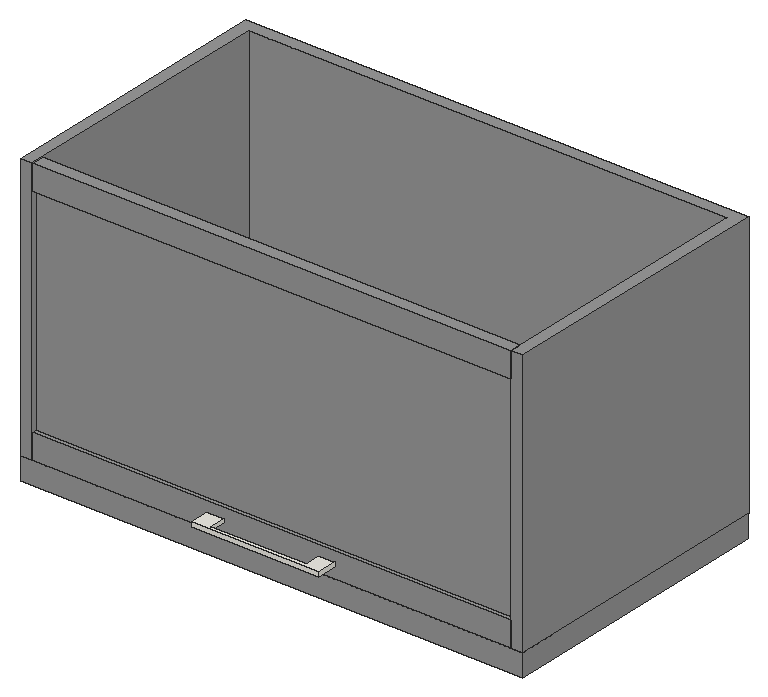
Revit family "Haworth_Epure_ProximityStorage_UpperModule_EU_PRELIMINARY", category Furniture, Revit 2019
Family settings
  OmniClass Number = 23.40.70.14.64.11
  OmniClass Title = Office Furniture
  Work Plane-Based = No
  Always vertical = Yes
  Cut with Voids When Loaded = No
  Shared = No
  Room Calculation Point = No
Parameters (values of type "Stackable with Tambour Door")
  without Pull = not(or(Stackable Open, Handle 1, Handle 2, Metal Handle, with Pull))  # no
  with Shelf = no
  with Pull = yes
  Warranty = "http://www.haworth.com/resources/product-info/warranties"
  URL - Product = "https://www.haworth.com/eu/en/products/office-desks/epure-01.html"
  Type Comments = ""
  URL = "https://www.haworth.com/eu/en.html"
  Trim Finish = Haworth _ Paint _ Smooth Plaster
  Thickness Bottom = 3.6 cm
  Storage Finish [instance] = Haworth _ Laminate _ Undecided _ Storage
  Size = "Verify Final Dim.w/ Haworth"  # constant formula
  Revision Number = "1"  # constant formula
  Mounting Height = 25 cm
  Stackable Open = not(Stackable with Tambour Door)  # no
  Model = "EUPSINTXTXM"  # constant formula
  Metal Handle = yes
  Manufacturer = "Haworth"  # constant formula
  Stackable with Tambour Door = yes
  Handle 2 = no
  Handle 1 = no
  Front Finish [instance] = Haworth _ Laminate _ Undecided _ Storage
  Thickness for bottom = "1.9, 2.5, 3.6 cm"  # constant formula
  Description = "Haworth - Epure - Proximity Storage - Upper Module"  # constant formula
  Author = "Haworth (Abd Rahman)"  # constant formula
  Assembly Code = "E2020200"
  Actual Width = 80 cm  # constant formula
  Actual Height = 46 cm  # constant formula
  Actual Depth = 45 cm  # constant formula
Types (2, lengths in cm): name | with Shelf | with Pull | Thickness Bottom | Stackable Open | Metal Handle | Stackable with Tambour Door
  Stackable Open | yes | no | 1.9 | yes | no | no
  Stackable with Tambour Door | no | yes | 3.6 | no | yes | yes
Reference planes (cm)
  plane 1 "Center F/B": y = 17.4526
  plane 2: z = 0
  plane 3 "Center L/R": x = 11.43
  plane 4 "Left": x = -28.57
  plane 5 "Right": x = 51.43
  plane 6 "Back": y = 39.9526
  plane 7 "Front": y = -5.0474
  plane 8: y = -3.1474
  plane 9: y = 38.0526
  plane 10: x = 49.53
  plane 11: x = -26.67
  plane 12: z = 25
  plane 13: z = 28.6
  plane 14: z = 71
  plane 15: z = 52.5
  plane 16: z = 50.6
  plane 17: z = 67
  plane 18: z = 32.6
  plane 19: y = -4.3474
  plane 20: z = 30.6628
Forms (cm)
  Extrusion 1, solid, material "Haworth _ Laminate _ Undecided _ Storage" <- "Storage Finish"
    sketch origin (0, 0, 0) x (1, 0, 0) y (0, 1, 0)
      loop
        line (-26.67, 38.0526) -> (49.53, 38.0526) -> (49.53, -5.0474) -> (51.43, -5.0474) -> (51.43, 39.9526) -> (-28.57, 39.9526) -> (-28.57, -5.0474) -> (-26.67, -5.0474) -> (-26.67, 38.0526)
    from 28.6 to 71
  Extrusion 2, solid, material "Haworth _ Laminate _ Undecided _ Storage" <- "Storage Finish"
    sketch origin (18.4075, -5.0474, -2.4912) x (-1, 0, 0) y (0, 0, 1)
      loop
        line (46.9775, 31.0912) -> (-33.0225, 31.0912) -> (-33.0225, 27.4912) -> (46.9775, 27.4912) -> (46.9775, 31.0912)
    from 0 to 45
  Extrusion 3, solid, material "Haworth _ Laminate _ Undecided _ Storage" <- "Storage Finish", visible <- "with Shelf"
    sketch origin (0, 0, 0) x (1, 0, 0) y (0, 1, 0)
      loop
        line (-26.67, 38.0526) -> (-26.67, -3.1474) -> (49.53, -3.1474) -> (49.53, 38.0526) -> (-26.67, 38.0526)
    from 50.6 to 52.5
  Extrusion 4, solid, material "Haworth _ Laminate _ Undecided _ Storage" <- "Storage Finish", visible <- "Stackable with Tambour Door"
    sketch origin (18.4075, -5.0474, -2.4912) x (-1, 0, 0) y (0, 0, 1)
      loop
        line (45.0775, 73.4912) -> (-31.1225, 73.4912) -> (-31.1225, 69.4912) -> (45.0775, 69.4912) -> (45.0775, 73.4912)
      loop
        line (45.0775, 31.0912) -> (45.0775, 35.0912) -> (-31.1225, 35.0912) -> (-31.1225, 31.0912) -> (45.0775, 31.0912)
    from 0 to 1.9
  Extrusion 5, solid, material "Haworth _ Laminate _ Undecided _ Storage" <- "Front Finish", visible <- "Stackable with Tambour Door"
    sketch origin (18.4075, -5.0474, -2.4912) x (-1, 0, 0) y (0, 0, 1)
      loop
        line (45.0775, 69.4912) -> (-31.1225, 69.4912) -> (-31.1225, 35.0912) -> (45.0775, 35.0912) -> (45.0775, 69.4912)
    from 0.7 to 1.9
Lines and regions (cm)
  Masking region 1
    outline origin (0, 0, 0) x (1, 0, 0) y (0, 1, 0)
      loop
        line (-28.57, 39.9526) -> (-28.57, -5.0474) -> (51.43, -5.0474) -> (51.43, 39.9526) -> (-28.57, 39.9526)
      loop
        line (-26.67, 38.0526) -> (-26.67, -3.1474) -> (49.53, -3.1474) -> (49.53, 38.0526) -> (-26.67, 38.0526)
Dimensions and locks (cm)
  equal spacing: plane 6 "Back", plane 1 "Center F/B", plane 7 "Front"
  "Actual Depth": plane 6 "Back" to plane 7 "Front"
  equal spacing: plane 4 "Left", plane 3 "Center L/R", plane 5 "Right"
  "Actual Width": plane 4 "Left" to plane 5 "Right"
  locked: plane 8 to plane 7 "Front" at 1.9
  plane 9 to plane 6 "Back" = 1.9 cm
  locked: plane 10 to plane 5 "Right" at 1.9
  locked: plane 4 "Left" to plane 11 at 1.9
  "Mounting Height": plane 12 to level
  "Thickness Bottom": plane 13 to plane 12
  "Actual Height": plane 14 to plane 12
  locked: plane 15 to plane 16 at 1.9
  locked: plane 16 to plane 13 at 22
  locked: plane 14 to plane 17 at 4
  locked: plane 7 "Front" to plane 19 at 0.7
  plane 18 to plane 20 to plane 13 to plane 12 = 1.9372 cm, 2.0628 cm, 3.6 cm
  aligned and locked: Masking region 1 sketch curve to plane 5 "Right"
  aligned and locked: Masking region 1 sketch curve to plane 6 "Back"
  aligned and locked: plane 4 "Left" to Masking region 1 sketch curve
  aligned and locked: plane 7 "Front" to Masking region 1 sketch curve
  aligned and locked: Masking region 1 sketch curve to plane 10
  aligned and locked: plane 8 to Masking region 1 sketch curve
  aligned and locked: Masking region 1 sketch curve to plane 11
  aligned and locked: Masking region 1 sketch curve to plane 9
  aligned and locked: Extrusion 2 sketch curve to plane 5 "Right"
  aligned and locked: plane 4 "Left" to Extrusion 2 sketch curve
  aligned and locked: plane 3 "Center L/R" to nested 1
  aligned and locked: nested 1 to plane 7 "Front"
  aligned and locked: Extrusion 1 sketch curve to plane 9
  aligned and locked: Extrusion 1 sketch curve to plane 10
  aligned and locked: Extrusion 1 sketch curve to plane 11
  aligned and locked: Extrusion 1 sketch curve to plane 5 "Right"
  aligned and locked: plane 4 "Left" to Extrusion 1 sketch curve
  aligned and locked: Extrusion 1 sketch curve to plane 6 "Back"
  aligned and locked: plane 13 to Extrusion 2
  aligned and locked: Extrusion 1 to plane 13
  aligned and locked: plane 14 to Extrusion 1
  aligned and locked: Extrusion 3 sketch curve to plane 10
  aligned and locked: Extrusion 3 sketch curve to plane 9
  aligned and locked: Extrusion 3 sketch curve to plane 11
  aligned and locked: plane 8 to Extrusion 3 sketch curve
  aligned and locked: plane 15 to Extrusion 3
  aligned and locked: Extrusion 3 to plane 16
  aligned and locked: Extrusion 4 sketch curve to plane 10
  aligned and locked: Extrusion 4 sketch curve to plane 14
  aligned and locked: Extrusion 4 sketch curve to plane 11
  aligned and locked: Extrusion 4 to plane 17
  aligned and locked: Extrusion 4 sketch curve to plane 13
  aligned and locked: Extrusion 4 sketch curve to plane 18
  aligned and locked: plane 10 to Extrusion 4 sketch curve
  aligned and locked: plane 11 to Extrusion 4 sketch curve
  aligned and locked: Extrusion 4 to plane 7 "Front"
  aligned and locked: plane 8 to Extrusion 4
  aligned and locked: Extrusion 5 sketch curve to plane 17
  aligned and locked: Extrusion 5 sketch curve to plane 11
  aligned and locked: Extrusion 5 sketch curve to plane 18
  aligned and locked: Extrusion 5 sketch curve to plane 10
  aligned and locked: plane 8 to Extrusion 5
  aligned and locked: Extrusion 1 to plane 7 "Front"
  aligned and locked: plane 19 to Extrusion 5
  aligned and locked: plane 20 to nested 1
Automatic sketch dimensions
  Extrusion 1 sketch curve to plane 7 "Front" = 0 cm
  plane 7 "Front" to Extrusion 1 sketch curve = 0 cm
  Extrusion 2 sketch curve to plane 12 = 0 cm
  Extrusion 2 sketch curve to plane 13 = 0 cm
  Extrusion 4 sketch curve to plane 17 = 0 cm
Nested families (cm)
  nested 1: "Haworth_Epure_Storage_Drawer-Pulls" at (11.43, -5.0474, 30.6628), visible <- "with Pull", type "Pull"
    with Handle 2 no, Handle 1 no
Definition of nested family "Haworth_Epure_Storage_Drawer-Pulls"
  Parameters (values of type "Pull")
    Metal = yes
    Handle Finish = none
    Handle 2 = yes
    Handle 1 = yes
    Assembly Code = ""
  Reference planes (cm)
    plane 1 "Center Front/Back": y = 0
    plane 2: z = 0
    plane 3 "Center Left/Right": x = 0
    plane 4: x = -13
    plane 5: x = 13
  Forms (cm)
    Extrusion 1, solid, material <- "Handle Finish", visible <- "Metal"
      sketch origin (0, 0, 0.3175) x (1, 0, 0) y (0, 1, 0)
        loop
          line (-10.16, 0) -> (-10.16, -3.175) -> (10.16, -3.175) -> (10.16, 0) -> (7.62, 0) -> (7.62, -2.54) -> (-7.62, -2.54) -> (-7.62, 0) -> (-10.16, 0)
      from 0 to -0.635
    Extrusion 2, solid, material <- "Handle Finish", visible <- "Handle 2"
      sketch origin (249.8674, 48.2327, -47.4662) x (0, 1, 0) y (0, 0, 1)
        loop
          line (-48.2327, 48.4836) -> (-50.2327, 48.4836) -> (-50.2327, 46.4836) -> (-49.8327, 46.4836) -> (-49.8327, 47.4836) -> (-48.2327, 47.4836) -> (-48.2327, 48.4836)
      from -256.9674 to -242.7674
    Extrusion 3, solid, material <- "Handle Finish", visible <- "Handle 1"
      sketch origin (-80.1326, 48.2327, -18.6172) x (1, 0, 0) y (0, 1, 0)
        loop
          line (72.9326, -50.7327) -> (87.3326, -50.7327)
          arc (87.3326, -50.7327) -> (87.6861, -50.5862) -> (87.8326, -50.2327) r 0.5
          line (87.8326, -50.2327) -> (87.8326, -48.7327)
          arc (87.8326, -48.7327) -> (87.6861, -48.3791) -> (87.3326, -48.2327) r 0.5
          line (87.3326, -48.2327) -> (72.9326, -48.2327)
          arc (72.9326, -48.2327) -> (72.579, -48.3791) -> (72.4326, -48.7327) r 0.5
          line (72.4326, -48.7327) -> (72.4326, -50.2327)
          arc (72.4326, -50.2327) -> (72.579, -50.5862) -> (72.9326, -50.7327) r 0.5
      from 18.1935 to 19.0935
